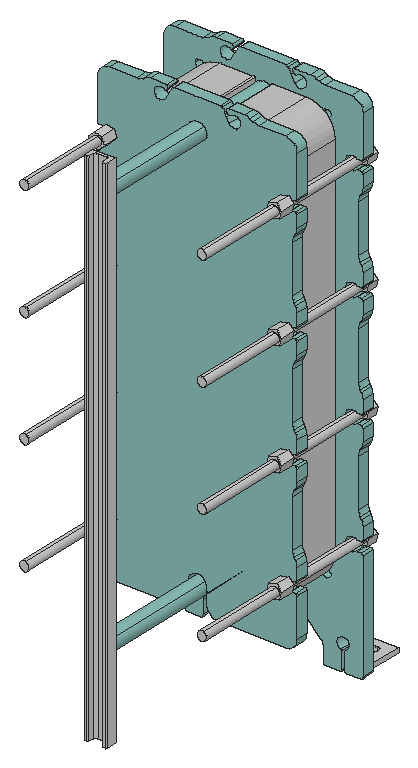
Revit family "Ekin_Endüstriyel - MIT513", category Specialty Equipment, Revit 2022
Family settings
  Round Connector Dimension = Use Diameter
  Part Type = Normal
  Work Plane-Based = No
  Always vertical = No
  Cut with Voids When Loaded = No
  Maintain Annotation Orientation = No
  Shared = No
  Room Calculation Point = No
Parameters (values of type "Flanged")
  URL = "https://en.ekinendustriyel.com/plate-heat-exchanger"
  Type Comments = ""
  Tightening Bolt [instance] = if(Design Pressure < 1006634.6 Pa, 16.00 mm, 30.00 mm)  # 16.00 mm
  Threaded Connection = no
  Thickness_of_Plate [instance] = 0.50 mm  # constant formula
  Number_of_Plate [instance] = 50
  Model = if(Threaded Connection, if(Hygienic, if(Design Pressure < 1100000.0 Pa, "H12340000DD50L", if(Design Pressure < 1600000.0 Pa, " H12340000DD50M", " H12340000DD50H")), if(Design Pressure < 1000000.0 Pa, "E1234000DD50L", if(Design Pressure < 1600000.0 Pa, " E12340000DD50M", " E12340000DD50H"))), if(Hygienic, if(Design Pressure < 1100000.0 Pa, "H12340000F50L", if(Design Pressure < 1600000.0 Pa, " H12340000F50M", " H12340000F50H")), if(Design Pressure < 1000000.0 Pa, "E12340000F50L", if(Design Pressure < 1600000.0 Pa, " E12340000F50M", " E12340000F50H"))))  # "H12340000F50L"
  Material = Galvanized Steel- S235JR
  Manufacturer = "Ekin Endüstriyel"
  M30 [instance] = Design Pressure > 1000000.0 Pa  # no
  M16 = Design Pressure < 1000001.0 Pa  # yes
  Lk [instance] = (Number_of_Plate) * ((Thickness_of_Plate) + 2.00 mm)  # 125.00 mm
  Lh [instance] = 920.00 mm  # constant formula
  Lf [instance] = 812.00 mm  # constant formula
  Lc [instance] = if(Number_of_Plate < 41, 250.00 mm, if(Number_of_Plate < 66, 350.00 mm, if(Number_of_Plate < 101, 500.00 mm, if(Number_of_Plate < 161, 750.00 mm, 1000.00 mm))))  # 350.00 mm
  La [instance] = 350.00 mm  # constant formula
  Keynote = ""
  Industrial [instance] = not(Hygienic)  # no
  Hygienic = yes
  Head & Follower Plate [instance] = if(Design Pressure < 1006634.6 Pa, 20.00 mm, if(Design Pressure < 1606478.4 Pa, 25.00 mm, 30.00 mm))  # 20.00 mm
  Follower Plate [instance] = -(Head & Follower Plate)  # -20.00 mm
  Flange Connection [instance] = not(Threaded Connection)  # yes
  Design Pressure = 100 psi
  Description = if(Design Pressure < 1006634.6 Pa, "MIT - Heat Exchanger - 10 bar", if(Design Pressure < 1599583.7 Pa, " MIT - Heat Exchanger - 16 bar", " MIT - Heat Exchanger - 25 bar"))  # "MIT - Heat Exchanger - 10 bar"
  Default Elevation = 0.00 mm
Reference planes
  plane 1 "Center (Front/Back)": y = 0
  plane 2: z = 0
  plane 3 "Center (Left/Right)": x = 0
  plane 4: x = 1160
  plane 5: x = -1000
  plane 6 "2": y = -145
  plane 7 "1": y = -20
  plane 8 "3": y = -370
  plane 9 "Bolt End": y = 18.7
  plane 10: y = -350
Forms (mm)
  Extrusion 1, solid, material "Galvanized Steel", visible <- "Flange Connection", detail levels fine
    sketch origin (0, 0, 0) x (1, 0, 0) y (0, 0, 1)
      loop
        line (-106.715, 912) -> (-155, 912)
        arc (-155, 912) -> (-169.142, 906.142) -> (-175, 892) r 20
        line (-175, 892) -> (-175, 819.25)
        arc (-175, 819.25) -> (-174.121, 817.129) -> (-172, 816.25) r 3
        line (-172, 816.25) -> (-164.917, 816.25)
        arc (-164.917, 816.25) -> (-163.96, 816.407) -> (-163.103, 816.86) r 3
        arc (-163.103, 816.86) -> (-144.251, 807.5) -> (-163.103, 798.14) r 11.75
        arc (-163.103, 798.14) -> (-163.96, 798.593) -> (-164.917, 798.75) r 3
        line (-164.917, 798.75) -> (-172, 798.75)
        arc (-172, 798.75) -> (-174.121, 797.871) -> (-175, 795.75) r 3
        line (-175, 795.75) -> (-175, 774.215)
        arc (-175, 774.215) -> (-174.319, 769.039) -> (-172.321, 764.215) r 20
        line (-172.321, 764.215) -> (-169.679, 759.641)
        arc (-169.679, 759.641) -> (-167.681, 754.817) -> (-167, 749.641) r 20
        line (-167, 749.641) -> (-167, 665.359)
        arc (-167, 665.359) -> (-167.681, 660.183) -> (-169.679, 655.359) r 20
        line (-169.679, 655.359) -> (-172.321, 650.785)
        arc (-172.321, 650.785) -> (-174.319, 645.961) -> (-175, 640.785) r 20
        line (-175, 640.785) -> (-175, 619.25)
        arc (-175, 619.25) -> (-174.121, 617.129) -> (-172, 616.25) r 3
        line (-172, 616.25) -> (-164.917, 616.25)
        arc (-164.917, 616.25) -> (-163.96, 616.407) -> (-163.103, 616.86) r 3
        arc (-163.103, 616.86) -> (-144.251, 607.5) -> (-163.103, 598.14) r 11.75
        arc (-163.103, 598.14) -> (-163.96, 598.593) -> (-164.917, 598.75) r 3
        line (-164.917, 598.75) -> (-172, 598.75)
        arc (-172, 598.75) -> (-174.121, 597.871) -> (-175, 595.75) r 3
        line (-175, 595.75) -> (-175, 574.215)
        arc (-175, 574.215) -> (-174.319, 569.039) -> (-172.321, 564.215) r 20
        line (-172.321, 564.215) -> (-169.679, 559.641)
        arc (-169.679, 559.641) -> (-167.681, 554.817) -> (-167, 549.641) r 20
        line (-167, 549.641) -> (-167, 465.359)
        arc (-167, 465.359) -> (-167.681, 460.183) -> (-169.679, 455.359) r 20
        line (-169.679, 455.359) -> (-172.321, 450.785)
        arc (-172.321, 450.785) -> (-174.319, 445.961) -> (-175, 440.785) r 20
        line (-175, 440.785) -> (-175, 419.25)
        arc (-175, 419.25) -> (-174.121, 417.129) -> (-172, 416.25) r 3
        line (-172, 416.25) -> (-164.917, 416.25)
        arc (-164.917, 416.25) -> (-163.96, 416.407) -> (-163.103, 416.86) r 3
        arc (-163.103, 416.86) -> (-144.251, 407.5) -> (-163.103, 398.14) r 11.75
        arc (-163.103, 398.14) -> (-163.96, 398.593) -> (-164.917, 398.75) r 3
        line (-164.917, 398.75) -> (-172, 398.75)
        arc (-172, 398.75) -> (-174.121, 397.871) -> (-175, 395.75) r 3
        line (-175, 395.75) -> (-175, 374.215)
        arc (-175, 374.215) -> (-174.319, 369.039) -> (-172.321, 364.215) r 20
        line (-172.321, 364.215) -> (-169.679, 359.641)
        arc (-169.679, 359.641) -> (-167.681, 354.817) -> (-167, 349.641) r 20
        line (-167, 349.641) -> (-167, 265.359)
        arc (-167, 265.359) -> (-167.681, 260.183) -> (-169.679, 255.359) r 20
        line (-169.679, 255.359) -> (-172.321, 250.785)
        arc (-172.321, 250.785) -> (-174.319, 245.961) -> (-175, 240.785) r 20
        line (-175, 240.785) -> (-175, 219.25)
        arc (-175, 219.25) -> (-174.121, 217.129) -> (-172, 216.25) r 3
        line (-172, 216.25) -> (-164.917, 216.25)
        arc (-164.917, 216.25) -> (-163.96, 216.407) -> (-163.103, 216.86) r 3
        arc (-163.103, 216.86) -> (-144.251, 207.5) -> (-163.103, 198.14) r 11.75
        arc (-163.103, 198.14) -> (-163.96, 198.593) -> (-164.917, 198.75) r 3
        line (-164.917, 198.75) -> (-172, 198.75)
        arc (-172, 198.75) -> (-174.121, 197.871) -> (-175, 195.75) r 3
        line (-175, 195.75) -> (-175, 5)
        arc (-175, 5) -> (-173.536, 1.464) -> (-170, 0) r 5
        line (-170, 0) -> (-145.5, 0)
        arc (-145.5, 0) -> (-143.379, 0.879) -> (-142.5, 3) r 3
        line (-142.5, 3) -> (-142.5, 32.126)
        arc (-142.5, 32.126) -> (-142.996, 33.779) -> (-144.321, 34.884) r 3
        arc (-144.321, 34.884) -> (-140, 56) -> (-135.679, 34.884) r 11
        arc (-135.679, 34.884) -> (-137.004, 33.779) -> (-137.5, 32.126) r 3
        line (-137.5, 32.126) -> (-137.5, 3)
        arc (-137.5, 3) -> (-136.621, 0.879) -> (-134.5, 0) r 3
        line (-134.5, 0) -> (-110, 0)
        arc (-110, 0) -> (-106.464, 1.464) -> (-105, 5) r 5
        line (-105, 5) -> (-105, 28.787)
        arc (-105, 28.787) -> (-103.858, 34.527) -> (-100.607, 39.393) r 15
        line (-100.607, 39.393) -> (-74.393, 65.607)
        arc (-74.393, 65.607) -> (-69.527, 68.858) -> (-63.787, 70) r 15
        line (-63.787, 70) -> (63.787, 70)
        arc (63.787, 70) -> (69.527, 68.858) -> (74.393, 65.607) r 15
        line (74.393, 65.607) -> (100.607, 39.393)
        arc (100.607, 39.393) -> (103.858, 34.527) -> (105, 28.787) r 15
        line (105, 28.787) -> (105, 5)
        arc (105, 5) -> (106.464, 1.464) -> (110, 0) r 5
        line (110, 0) -> (134.5, 0)
        arc (134.5, 0) -> (136.621, 0.879) -> (137.5, 3) r 3
        line (137.5, 3) -> (137.5, 32.126)
        arc (137.5, 32.126) -> (137.004, 33.779) -> (135.679, 34.884) r 3
        arc (135.679, 34.884) -> (140, 56) -> (144.321, 34.884) r 11
        arc (144.321, 34.884) -> (142.996, 33.779) -> (142.5, 32.126) r 3
        line (142.5, 32.126) -> (142.5, 3)
        arc (142.5, 3) -> (143.379, 0.879) -> (145.5, 0) r 3
        line (145.5, 0) -> (170, 0)
        arc (170, 0) -> (173.536, 1.464) -> (175, 5) r 5
        line (175, 5) -> (175, 195.75)
        arc (175, 195.75) -> (174.121, 197.871) -> (172, 198.75) r 3
        line (172, 198.75) -> (164.917, 198.75)
        arc (164.917, 198.75) -> (163.96, 198.593) -> (163.103, 198.14) r 3
        arc (163.103, 198.14) -> (144.251, 207.5) -> (163.103, 216.86) r 11.75
        arc (163.103, 216.86) -> (163.96, 216.407) -> (164.917, 216.25) r 3
        line (164.917, 216.25) -> (172, 216.25)
        arc (172, 216.25) -> (174.121, 217.129) -> (175, 219.25) r 3
        line (175, 219.25) -> (175, 240.785)
        arc (175, 240.785) -> (174.319, 245.961) -> (172.321, 250.785) r 20
        line (172.321, 250.785) -> (169.679, 255.359)
        arc (169.679, 255.359) -> (167.681, 260.183) -> (167, 265.359) r 20
        line (167, 265.359) -> (167, 349.641)
        arc (167, 349.641) -> (167.681, 354.817) -> (169.679, 359.641) r 20
        line (169.679, 359.641) -> (172.321, 364.215)
        arc (172.321, 364.215) -> (174.319, 369.039) -> (175, 374.215) r 20
        line (175, 374.215) -> (175, 395.75)
        arc (175, 395.75) -> (174.121, 397.871) -> (172, 398.75) r 3
        line (172, 398.75) -> (164.917, 398.75)
        arc (164.917, 398.75) -> (163.96, 398.593) -> (163.103, 398.14) r 3
        arc (163.103, 398.14) -> (144.251, 407.5) -> (163.103, 416.86) r 11.75
        arc (163.103, 416.86) -> (163.96, 416.407) -> (164.917, 416.25) r 3
        line (164.917, 416.25) -> (172, 416.25)
        arc (172, 416.25) -> (174.121, 417.129) -> (175, 419.25) r 3
        line (175, 419.25) -> (175, 440.785)
        arc (175, 440.785) -> (174.319, 445.961) -> (172.321, 450.785) r 20
        line (172.321, 450.785) -> (169.679, 455.359)
        arc (169.679, 455.359) -> (167.681, 460.183) -> (167, 465.359) r 20
        line (167, 465.359) -> (167, 549.641)
        arc (167, 549.641) -> (167.681, 554.817) -> (169.679, 559.641) r 20
        line (169.679, 559.641) -> (172.321, 564.215)
        arc (172.321, 564.215) -> (174.319, 569.039) -> (175, 574.215) r 20
        line (175, 574.215) -> (175, 595.75)
        arc (175, 595.75) -> (174.121, 597.871) -> (172, 598.75) r 3
        line (172, 598.75) -> (164.917, 598.75)
        arc (164.917, 598.75) -> (163.96, 598.593) -> (163.103, 598.14) r 3
        arc (163.103, 598.14) -> (144.251, 607.5) -> (163.103, 616.86) r 11.75
        arc (163.103, 616.86) -> (163.96, 616.407) -> (164.917, 616.25) r 3
        line (164.917, 616.25) -> (172, 616.25)
        arc (172, 616.25) -> (174.121, 617.129) -> (175, 619.25) r 3
        line (175, 619.25) -> (175, 640.785)
        arc (175, 640.785) -> (174.319, 645.961) -> (172.321, 650.785) r 20
        line (172.321, 650.785) -> (169.679, 655.359)
        arc (169.679, 655.359) -> (167.681, 660.183) -> (167, 665.359) r 20
        line (167, 665.359) -> (167, 749.641)
        arc (167, 749.641) -> (167.681, 754.817) -> (169.679, 759.641) r 20
        line (169.679, 759.641) -> (172.321, 764.215)
        arc (172.321, 764.215) -> (174.319, 769.039) -> (175, 774.215) r 20
        line (175, 774.215) -> (175, 795.75)
        arc (175, 795.75) -> (174.121, 797.871) -> (172, 798.75) r 3
        line (172, 798.75) -> (164.917, 798.75)
        arc (164.917, 798.75) -> (163.96, 798.593) -> (163.103, 798.14) r 3
        arc (163.103, 798.14) -> (144.251, 807.5) -> (163.103, 816.86) r 11.75
        arc (163.103, 816.86) -> (163.96, 816.407) -> (164.917, 816.25) r 3
        line (164.917, 816.25) -> (172, 816.25)
        arc (172, 816.25) -> (174.121, 817.129) -> (175, 819.25) r 3
        line (175, 819.25) -> (175, 892)
        arc (175, 892) -> (169.142, 906.142) -> (155, 912) r 20
        line (155, 912) -> (106.715, 912)
        arc (106.715, 912) -> (101.539, 912.681) -> (96.715, 914.679) r 20
        line (96.715, 914.679) -> (92.141, 917.321)
        arc (92.141, 917.321) -> (87.317, 919.319) -> (82.141, 920) r 20
        line (82.141, 920) -> (54.608, 920)
        arc (54.608, 920) -> (52.01, 918.5) -> (52.01, 915.5) r 3
        line (52.01, 915.5) -> (53.742, 912.5)
        arc (53.742, 912.5) -> (55.773, 911.054) -> (58.196, 911.643) r 3
        arc (58.196, 911.643) -> (75.802, 900.921) -> (55.474, 897.5) r 11
        line (55.474, 897.5) -> (43.349, 918.5)
        arc (43.349, 918.5) -> (42.251, 919.598) -> (40.751, 920) r 3
        line (40.751, 920) -> (-40.751, 920)
        arc (-40.751, 920) -> (-42.251, 919.598) -> (-43.349, 918.5) r 3
        line (-43.349, 918.5) -> (-55.474, 897.5)
        arc (-55.474, 897.5) -> (-75.802, 900.921) -> (-58.196, 911.643) r 11
        arc (-58.196, 911.643) -> (-55.773, 911.054) -> (-53.742, 912.5) r 3
        line (-53.742, 912.5) -> (-52.01, 915.5)
        arc (-52.01, 915.5) -> (-52.01, 918.5) -> (-54.608, 920) r 3
        line (-54.608, 920) -> (-82.141, 920)
        arc (-82.141, 920) -> (-87.317, 919.319) -> (-92.141, 917.321) r 20
        line (-92.141, 917.321) -> (-96.715, 914.679)
        arc (-96.715, 914.679) -> (-101.539, 912.681) -> (-106.715, 912) r 20
      loop
        circle (-70, 827.5) r 32.5
      loop
        circle (70, 827.5) r 32.5
      loop
        circle (-70, 187.5) r 32.5
      loop
        circle (70, 187.5) r 32.5
      loop
        circle (-112, 145.5) r 7
      loop
        circle (112, 145.5) r 7
      loop
        circle (28, 145.5) r 7
      loop
        circle (-28, 145.5) r 7
      loop
        circle (-112, 229.5) r 7
      loop
        circle (112, 229.5) r 7
      loop
        circle (28, 229.5) r 7
      loop
        circle (-28, 229.5) r 7
      loop
        circle (-112, 785.5) r 7
      loop
        circle (112, 785.5) r 7
      loop
        circle (28, 785.5) r 7
      loop
        circle (-28, 785.5) r 7
      loop
        circle (-112, 869.5) r 7
      loop
        circle (112, 869.5) r 7
      loop
        circle (28, 869.5) r 7
      loop
        circle (-28, 869.5) r 7
      loop
        circle (0, 149) r 6.25
      loop
        circle (0, 866) r 6.25
    from 0 to 20 <- "Head & Follower Plate"
  Extrusion 2, solid, material "AISI 316L/Titanium/Hastelloy", detail levels fine
    sketch origin (0, -20, 0) x (-1, 0, 0) y (0, 0, 1)
      loop
        line (-125, 832.5) -> (-125, 182.5)
        arc (-125, 182.5) -> (-110.355, 147.145) -> (-75, 132.5) r 50
        line (-75, 132.5) -> (-17, 132.5)
        arc (-17, 132.5) -> (-15.586, 133.086) -> (-15, 134.5) r 2
        line (-15, 134.5) -> (-15, 149.5)
        arc (-15, 149.5) -> (0, 164.5) -> (15, 149.5) r 15
        line (15, 149.5) -> (15, 134.5)
        arc (15, 134.5) -> (15.586, 133.086) -> (17, 132.5) r 2
        line (17, 132.5) -> (75, 132.5)
        arc (75, 132.5) -> (110.355, 147.145) -> (125, 182.5) r 50
        line (125, 182.5) -> (125, 832.5)
        arc (125, 832.5) -> (110.355, 867.855) -> (75, 882.5) r 50
        line (75, 882.5) -> (17, 882.5)
        arc (17, 882.5) -> (15.586, 881.914) -> (15, 880.5) r 2
        line (15, 880.5) -> (15, 865.5)
        arc (15, 865.5) -> (0, 850.5) -> (-15, 865.5) r 15
        line (-15, 865.5) -> (-15, 880.5)
        arc (-15, 880.5) -> (-15.586, 881.914) -> (-17, 882.5) r 2
        line (-17, 882.5) -> (-75, 882.5)
        arc (-75, 882.5) -> (-110.355, 867.855) -> (-125, 832.5) r 50
      loop
        circle (70, 827.5) r 32.5
      loop
        circle (-70, 827.5) r 32.5
      loop
        circle (-70, 187.5) r 32.5
      loop
        circle (70, 187.5) r 32.5
    from 0 to -125
  Extrusion 3, solid, material "Galvanized Steel", detail levels fine
    sketch origin (0, -145, 0) x (-1, 0, 0) y (0, 0, 1)
      loop
        arc (-16.5, 153) -> (0, 169.5) -> (16.5, 153) r 16.5
        line (16.5, 153) -> (16.5, 127.5)
        arc (16.5, 127.5) -> (22.358, 113.358) -> (36.5, 107.5) r 20
        line (36.5, 107.5) -> (155, 107.5)
        arc (155, 107.5) -> (169.142, 113.358) -> (175, 127.5) r 20
        line (175, 127.5) -> (175, 195.751)
        arc (175, 195.751) -> (174.121, 197.872) -> (172, 198.751) r 3
        line (172, 198.751) -> (164.917, 198.751)
        arc (164.917, 198.751) -> (163.96, 198.594) -> (163.103, 198.14) r 3
        arc (163.103, 198.14) -> (144.25, 207.5) -> (163.103, 216.86) r 11.75
        arc (163.103, 216.86) -> (163.96, 216.406) -> (164.917, 216.249) r 3
        line (164.917, 216.249) -> (172, 216.249)
        arc (172, 216.249) -> (174.121, 217.128) -> (175, 219.249) r 3
        line (175, 219.249) -> (175, 240.785)
        arc (175, 240.785) -> (174.319, 245.961) -> (172.321, 250.785) r 20
        line (172.321, 250.785) -> (169.679, 255.359)
        arc (169.679, 255.359) -> (167.681, 260.183) -> (167, 265.359) r 20
        line (167, 265.359) -> (167, 349.641)
        arc (167, 349.641) -> (167.681, 354.817) -> (169.679, 359.641) r 20
        line (169.679, 359.641) -> (172.321, 364.215)
        arc (172.321, 364.215) -> (174.319, 369.039) -> (175, 374.215) r 20
        line (175, 374.215) -> (175, 395.751)
        arc (175, 395.751) -> (174.121, 397.872) -> (172, 398.751) r 3
        line (172, 398.751) -> (164.917, 398.751)
        arc (164.917, 398.751) -> (163.96, 398.594) -> (163.103, 398.14) r 3
        arc (163.103, 398.14) -> (144.25, 407.5) -> (163.103, 416.86) r 11.75
        arc (163.103, 416.86) -> (163.96, 416.406) -> (164.917, 416.249) r 3
        line (164.917, 416.249) -> (172, 416.249)
        arc (172, 416.249) -> (174.121, 417.128) -> (175, 419.249) r 3
        line (175, 419.249) -> (175, 440.785)
        arc (175, 440.785) -> (174.319, 445.961) -> (172.321, 450.785) r 20
        line (172.321, 450.785) -> (169.679, 455.359)
        arc (169.679, 455.359) -> (167.681, 460.183) -> (167, 465.359) r 20
        line (167, 465.359) -> (167, 549.641)
        arc (167, 549.641) -> (167.681, 554.817) -> (169.679, 559.641) r 20
        line (169.679, 559.641) -> (172.321, 564.215)
        arc (172.321, 564.215) -> (174.319, 569.039) -> (175, 574.215) r 20
        line (175, 574.215) -> (175, 595.751)
        arc (175, 595.751) -> (174.121, 597.872) -> (172, 598.751) r 3
        line (172, 598.751) -> (164.917, 598.751)
        arc (164.917, 598.751) -> (163.96, 598.594) -> (163.103, 598.14) r 3
        arc (163.103, 598.14) -> (144.25, 607.5) -> (163.103, 616.86) r 11.75
        arc (163.103, 616.86) -> (163.96, 616.406) -> (164.917, 616.249) r 3
        line (164.917, 616.249) -> (172, 616.249)
        arc (172, 616.249) -> (174.121, 617.128) -> (175, 619.249) r 3
        line (175, 619.249) -> (175, 640.785)
        arc (175, 640.785) -> (174.319, 645.961) -> (172.321, 650.785) r 20
        line (172.321, 650.785) -> (169.679, 655.359)
        arc (169.679, 655.359) -> (167.681, 660.183) -> (167, 665.359) r 20
        line (167, 665.359) -> (167, 749.641)
        arc (167, 749.641) -> (167.681, 754.817) -> (169.679, 759.641) r 20
        line (169.679, 759.641) -> (172.321, 764.215)
        arc (172.321, 764.215) -> (174.319, 769.039) -> (175, 774.215) r 20
        line (175, 774.215) -> (175, 795.751)
        arc (175, 795.751) -> (174.121, 797.872) -> (172, 798.751) r 3
        line (172, 798.751) -> (164.917, 798.751)
        arc (164.917, 798.751) -> (163.96, 798.594) -> (163.103, 798.141) r 3
        arc (163.103, 798.141) -> (144.25, 807.501) -> (163.103, 816.86) r 11.75
        arc (163.103, 816.86) -> (163.96, 816.407) -> (164.917, 816.25) r 3
        line (164.917, 816.25) -> (172, 816.25)
        arc (172, 816.25) -> (174.121, 817.129) -> (175, 819.25) r 3
        line (175, 819.25) -> (175, 892)
        arc (175, 892) -> (169.142, 906.142) -> (155, 912) r 20
        line (155, 912) -> (106.715, 912)
        arc (106.715, 912) -> (101.539, 912.681) -> (96.715, 914.679) r 20
        line (96.715, 914.679) -> (92.141, 917.321)
        arc (92.141, 917.321) -> (87.317, 919.319) -> (82.141, 920) r 20
        line (82.141, 920) -> (54.608, 920)
        arc (54.608, 920) -> (52.01, 918.5) -> (52.01, 915.5) r 3
        line (52.01, 915.5) -> (53.742, 912.5)
        arc (53.742, 912.5) -> (55.773, 911.054) -> (58.196, 911.643) r 3
        arc (58.196, 911.643) -> (75.802, 900.921) -> (55.474, 897.5) r 11
        line (55.474, 897.5) -> (43.349, 918.5)
        arc (43.349, 918.5) -> (42.251, 919.598) -> (40.751, 920) r 3
        line (40.751, 920) -> (-40.751, 920)
        arc (-40.751, 920) -> (-42.251, 919.598) -> (-43.349, 918.5) r 3
        line (-43.349, 918.5) -> (-55.474, 897.5)
        arc (-55.474, 897.5) -> (-75.802, 900.921) -> (-58.196, 911.643) r 11
        arc (-58.196, 911.643) -> (-55.773, 911.054) -> (-53.742, 912.5) r 3
        line (-53.742, 912.5) -> (-52.01, 915.5)
        arc (-52.01, 915.5) -> (-52.01, 918.5) -> (-54.608, 920) r 3
        line (-54.608, 920) -> (-82.141, 920)
        arc (-82.141, 920) -> (-87.317, 919.319) -> (-92.141, 917.321) r 20
        line (-92.141, 917.321) -> (-96.715, 914.679)
        arc (-96.715, 914.679) -> (-101.539, 912.681) -> (-106.715, 912) r 20
        line (-106.715, 912) -> (-155, 912)
        arc (-155, 912) -> (-169.142, 906.142) -> (-175, 892) r 20
        line (-175, 892) -> (-175, 819.25)
        arc (-175, 819.25) -> (-174.121, 817.129) -> (-172, 816.25) r 3
        line (-172, 816.25) -> (-164.917, 816.25)
        arc (-164.917, 816.25) -> (-163.96, 816.407) -> (-163.103, 816.86) r 3
        arc (-163.103, 816.86) -> (-144.25, 807.501) -> (-163.103, 798.141) r 11.75
        arc (-163.103, 798.141) -> (-163.96, 798.594) -> (-164.917, 798.751) r 3
        line (-164.917, 798.751) -> (-172, 798.751)
        arc (-172, 798.751) -> (-174.121, 797.872) -> (-175, 795.751) r 3
        line (-175, 795.751) -> (-175, 774.215)
        arc (-175, 774.215) -> (-174.319, 769.039) -> (-172.321, 764.215) r 20
        line (-172.321, 764.215) -> (-169.679, 759.641)
        arc (-169.679, 759.641) -> (-167.681, 754.817) -> (-167, 749.641) r 20
        line (-167, 749.641) -> (-167, 665.359)
        arc (-167, 665.359) -> (-167.681, 660.183) -> (-169.679, 655.359) r 20
        line (-169.679, 655.359) -> (-172.321, 650.785)
        arc (-172.321, 650.785) -> (-174.319, 645.961) -> (-175, 640.785) r 20
        line (-175, 640.785) -> (-175, 619.249)
        arc (-175, 619.249) -> (-174.121, 617.128) -> (-172, 616.249) r 3
        line (-172, 616.249) -> (-164.917, 616.249)
        arc (-164.917, 616.249) -> (-163.96, 616.406) -> (-163.103, 616.86) r 3
        arc (-163.103, 616.86) -> (-144.25, 607.5) -> (-163.103, 598.14) r 11.75
        arc (-163.103, 598.14) -> (-163.96, 598.594) -> (-164.917, 598.751) r 3
        line (-164.917, 598.751) -> (-172, 598.751)
        arc (-172, 598.751) -> (-174.121, 597.872) -> (-175, 595.751) r 3
        line (-175, 595.751) -> (-175, 574.215)
        arc (-175, 574.215) -> (-174.319, 569.039) -> (-172.321, 564.215) r 20
        line (-172.321, 564.215) -> (-169.679, 559.641)
        arc (-169.679, 559.641) -> (-167.681, 554.817) -> (-167, 549.641) r 20
        line (-167, 549.641) -> (-167, 465.359)
        arc (-167, 465.359) -> (-167.681, 460.183) -> (-169.679, 455.359) r 20
        line (-169.679, 455.359) -> (-172.321, 450.785)
        arc (-172.321, 450.785) -> (-174.319, 445.961) -> (-175, 440.785) r 20
        line (-175, 440.785) -> (-175, 419.249)
        arc (-175, 419.249) -> (-174.121, 417.128) -> (-172, 416.249) r 3
        line (-172, 416.249) -> (-164.917, 416.249)
        arc (-164.917, 416.249) -> (-163.96, 416.406) -> (-163.103, 416.86) r 3
        arc (-163.103, 416.86) -> (-144.25, 407.5) -> (-163.103, 398.14) r 11.75
        arc (-163.103, 398.14) -> (-163.96, 398.594) -> (-164.917, 398.751) r 3
        line (-164.917, 398.751) -> (-172, 398.751)
        arc (-172, 398.751) -> (-174.121, 397.872) -> (-175, 395.751) r 3
        line (-175, 395.751) -> (-175, 374.215)
        arc (-175, 374.215) -> (-174.319, 369.039) -> (-172.321, 364.215) r 20
        line (-172.321, 364.215) -> (-169.679, 359.641)
        arc (-169.679, 359.641) -> (-167.681, 354.817) -> (-167, 349.641) r 20
        line (-167, 349.641) -> (-167, 265.359)
        arc (-167, 265.359) -> (-167.681, 260.183) -> (-169.679, 255.359) r 20
        line (-169.679, 255.359) -> (-172.321, 250.785)
        arc (-172.321, 250.785) -> (-174.319, 245.961) -> (-175, 240.785) r 20
        line (-175, 240.785) -> (-175, 219.249)
        arc (-175, 219.249) -> (-174.121, 217.128) -> (-172, 216.249) r 3
        line (-172, 216.249) -> (-164.917, 216.249)
        arc (-164.917, 216.249) -> (-163.96, 216.406) -> (-163.103, 216.86) r 3
        arc (-163.103, 216.86) -> (-144.25, 207.5) -> (-163.103, 198.14) r 11.75
        arc (-163.103, 198.14) -> (-163.96, 198.594) -> (-164.917, 198.751) r 3
        line (-164.917, 198.751) -> (-172, 198.751)
        arc (-172, 198.751) -> (-174.121, 197.872) -> (-175, 195.751) r 3
        line (-175, 195.751) -> (-175, 127.5)
        arc (-175, 127.5) -> (-169.142, 113.358) -> (-155, 107.5) r 20
        line (-155, 107.5) -> (-36.5, 107.5)
        arc (-36.5, 107.5) -> (-22.358, 113.358) -> (-16.5, 127.5) r 20
        line (-16.5, 127.5) -> (-16.5, 153)
      loop
        circle (0, 866) r 16
    from -20 <- "Follower Plate" to 0
  Extrusion 4, solid, material "Galvanized Steel"
    sketch origin (0, -20, 0) x (-1, 0, 0) y (0, 0, 1)
      loop
        circle (0, 866) r 15
      loop
        circle (0, 149) r 15
    from -350 to 0
  Extrusion 5, solid, material "Galvanized Steel- S235JR", visible <- "M16", detail levels medium+fine
    sketch origin (0, 0, 0) x (1, 0, 0) y (0, 0, 1)
      loop
        circle (-156.001, 207.5) r 8
      loop
        circle (-156.001, 407.5) r 8
      loop
        circle (-156.001, 607.5) r 8
      loop
        circle (-156.001, 807.5) r 8
      loop
        circle (155.999, 807.5) r 8
      loop
        circle (155.999, 607.5) r 8
      loop
        circle (155.999, 407.5) r 8
      loop
        circle (155.999, 207.5) r 8
    from 350 to 0
  Extrusion 6, solid, material "Galvanized Steel", detail levels medium
    sketch origin (0, 0, 0) x (1, 0, 0) y (0, 0, 1)
      loop
        line (-101.356, 912) -> (-175, 912) -> (-175, 768.856) -> (-167, 755) -> (-167, 660) -> (-175, 646.144) -> (-175, 568.856) -> (-167, 555) -> (-167, 460) -> (-175, 446.144) -> (-175, 368.856) -> (-167, 355) -> (-167, 260) -> (-175, 246.144) -> (-175, 0) -> (-105, 0) -> (-105, 35) -> (-70, 70) -> (70, 70) -> (105, 35) -> (105, 0) -> (175, 0) -> (175, 246.144) -> (167, 260) -> (167, 355) -> (175, 368.856) -> (175, 446.144) -> (167, 460) -> (167, 555) -> (175, 568.856) -> (175, 646.144) -> (167, 660) -> (167, 755) -> (175, 768.856) -> (175, 912) -> (101.356, 912) -> (87.5, 920) -> (-87.5, 920) -> (-101.356, 912)
      loop
        circle (-70, 827.5) r 32.5
      loop
        circle (-70, 187.5) r 32.5
      loop
        circle (0, 149) r 6.25
      loop
        circle (0, 866) r 6.25
      loop
        circle (-65, 903) r 11
      loop
        circle (-156.001, 207.5) r 11.75
      loop
        circle (-140, 45) r 11
      loop
        circle (-156.001, 407.5) r 11.75
      loop
        circle (-156.001, 807.5) r 11.75
      loop
        circle (-156.001, 607.5) r 11.75
      loop
        circle (70, 827.5) r 32.5
      loop
        circle (70, 187.5) r 32.5
      loop
        circle (65, 903) r 11
      loop
        circle (156.001, 207.5) r 11.75
      loop
        circle (140, 45) r 11
      loop
        circle (156.001, 407.5) r 11.75
      loop
        circle (156.001, 807.5) r 11.75
      loop
        circle (156.001, 607.5) r 11.75
    from 0 to 20 <- "Head & Follower Plate"
  Extrusion 7, solid, material "Painted Stell", detail levels medium+fine
    sketch origin (0, 0, 318) x (-1, 0, 0) y (0, -1, 0)
      loop
        line (20, 370) -> (20, 388)
        arc (20, 388) -> (19.414, 389.414) -> (18, 390) r 2
        line (18, 390) -> (14, 390)
        arc (14, 390) -> (12.586, 389.414) -> (12, 388) r 2
        line (12, 388) -> (12, 380)
        arc (12, 380) -> (10.536, 376.464) -> (7, 375) r 5
        line (7, 375) -> (-7, 375)
        arc (-7, 375) -> (-10.536, 376.464) -> (-12, 380) r 5
        line (-12, 380) -> (-12, 388)
        arc (-12, 388) -> (-12.586, 389.414) -> (-14, 390) r 2
        line (-14, 390) -> (-18, 390)
        arc (-18, 390) -> (-19.414, 389.414) -> (-20, 388) r 2
        line (-20, 388) -> (-20, 370) -> (20, 370)
    from -318 to 602
  Extrusion 8, solid, material "Galvanized Steel- S235JR", visible <- "M16", detail levels medium+fine
    sketch origin (0, 0, 0) x (1, 0, 0) y (0, 0, 1)
      loop
        line (169.412, 810.98) -> (159.692, 820.855) -> (146.28, 817.375) -> (142.587, 804.02) -> (152.307, 794.145) -> (165.719, 797.625) -> (169.412, 810.98)
      loop
        line (-169.412, 810.98) -> (-165.719, 797.625) -> (-152.307, 794.145) -> (-142.587, 804.02) -> (-146.28, 817.375) -> (-159.692, 820.855) -> (-169.412, 810.98)
      loop
        line (169.412, 610.98) -> (159.692, 620.855) -> (146.28, 617.375) -> (142.587, 604.02) -> (152.307, 594.145) -> (165.719, 597.625) -> (169.412, 610.98)
      loop
        line (-169.412, 610.98) -> (-165.719, 597.625) -> (-152.307, 594.145) -> (-142.587, 604.02) -> (-146.28, 617.375) -> (-159.692, 620.855) -> (-169.412, 610.98)
      loop
        line (169.412, 410.98) -> (159.692, 420.855) -> (146.28, 417.375) -> (142.587, 404.02) -> (152.307, 394.145) -> (165.719, 397.625) -> (169.412, 410.98)
      loop
        line (-169.412, 410.98) -> (-165.719, 397.625) -> (-152.307, 394.145) -> (-142.587, 404.02) -> (-146.28, 417.375) -> (-159.692, 420.855) -> (-169.412, 410.98)
      loop
        line (169.412, 210.98) -> (159.692, 220.855) -> (146.28, 217.375) -> (142.587, 204.02) -> (152.307, 194.145) -> (165.719, 197.625) -> (169.412, 210.98)
      loop
        line (-169.412, 210.98) -> (-165.719, 197.625) -> (-152.307, 194.145) -> (-142.587, 204.02) -> (-146.28, 217.375) -> (-159.692, 220.855) -> (-169.412, 210.98)
    from 0 to -18.7
  Extrusion 9, solid, material "Galvanized Steel- S235JR", visible <- "M16", detail levels medium+fine
    sketch origin (0, -165, 0) x (1, 0, 0) y (0, 0, 1)
      loop
        line (169.492, 810.654) -> (160.015, 820.762) -> (146.522, 817.608) -> (142.507, 804.346) -> (151.984, 794.238) -> (165.477, 797.392) -> (169.492, 810.654)
      loop
        line (169.492, 610.654) -> (160.015, 620.762) -> (146.522, 617.608) -> (142.507, 604.346) -> (151.984, 594.238) -> (165.477, 597.392) -> (169.492, 610.654)
      loop
        line (169.492, 410.656) -> (160.015, 420.765) -> (146.522, 417.611) -> (142.507, 404.349) -> (151.984, 394.241) -> (165.477, 397.395) -> (169.492, 410.656)
      loop
        line (169.492, 210.654) -> (160.015, 220.762) -> (146.522, 217.608) -> (142.507, 204.346) -> (151.984, 194.238) -> (165.477, 197.392) -> (169.492, 210.654)
      loop
        line (-169.492, 810.654) -> (-165.477, 797.392) -> (-151.984, 794.238) -> (-142.507, 804.346) -> (-146.522, 817.608) -> (-160.015, 820.762) -> (-169.492, 810.654)
      loop
        line (-169.492, 610.654) -> (-165.477, 597.392) -> (-151.984, 594.238) -> (-142.507, 604.346) -> (-146.522, 617.608) -> (-160.015, 620.762) -> (-169.492, 610.654)
      loop
        line (-169.492, 410.656) -> (-165.477, 397.395) -> (-151.984, 394.241) -> (-142.507, 404.349) -> (-146.522, 417.611) -> (-160.015, 420.765) -> (-169.492, 410.656)
      loop
        line (-169.492, 210.654) -> (-165.477, 197.392) -> (-151.984, 194.238) -> (-142.507, 204.346) -> (-146.522, 217.608) -> (-160.015, 220.762) -> (-169.492, 210.654)
    from 0 to 26.7
  Extrusion 10, solid, material "Galvanized Steel- S235JR", visible <- "M30", detail levels medium+fine
    sketch origin (0, -165, 0) x (1, 0, 0) y (0, 0, 1)
      loop
        line (-182.984, 613.807) -> (-174.953, 587.283) -> (-147.968, 580.976) -> (-129.013, 601.193) -> (-137.043, 627.717) -> (-164.029, 634.024) -> (-182.984, 613.807)
      loop
        line (-182.984, 813.807) -> (-174.953, 787.283) -> (-147.968, 780.976) -> (-129.013, 801.193) -> (-137.043, 827.717) -> (-164.029, 834.024) -> (-182.984, 813.807)
      loop
        line (-182.984, 413.807) -> (-174.953, 387.283) -> (-147.968, 380.976) -> (-129.013, 401.193) -> (-137.043, 427.717) -> (-164.029, 434.024) -> (-182.984, 413.807)
      loop
        line (-182.984, 213.807) -> (-174.953, 187.283) -> (-147.968, 180.976) -> (-129.013, 201.193) -> (-137.043, 227.717) -> (-164.029, 234.024) -> (-182.984, 213.807)
      loop
        line (182.984, 613.807) -> (164.029, 634.024) -> (137.043, 627.717) -> (129.013, 601.193) -> (147.968, 580.976) -> (174.953, 587.283) -> (182.984, 613.807)
      loop
        line (182.984, 813.807) -> (164.029, 834.024) -> (137.043, 827.717) -> (129.013, 801.193) -> (147.968, 780.976) -> (174.953, 787.283) -> (182.984, 813.807)
      loop
        line (182.984, 413.807) -> (164.029, 434.024) -> (137.043, 427.717) -> (129.013, 401.193) -> (147.968, 380.976) -> (174.953, 387.283) -> (182.984, 413.807)
      loop
        line (182.984, 213.807) -> (164.029, 234.024) -> (137.043, 227.717) -> (129.013, 201.193) -> (147.968, 180.976) -> (174.953, 187.283) -> (182.984, 213.807)
    from 0 to 26.7
  Extrusion 11, solid, material "Galvanized Steel- S235JR", visible <- "M30", detail levels medium+fine
    sketch origin (0, 0, 0) x (1, 0, 0) y (0, 0, 1)
      loop
        line (-182.824, 614.46) -> (-175.439, 587.749) -> (-148.614, 580.789) -> (-129.175, 600.54) -> (-136.56, 627.251) -> (-163.384, 634.211) -> (-182.824, 614.46)
      loop
        line (-182.824, 814.46) -> (-175.439, 787.749) -> (-148.614, 780.789) -> (-129.175, 800.54) -> (-136.56, 827.251) -> (-163.384, 834.211) -> (-182.824, 814.46)
      loop
        line (-182.824, 414.459) -> (-175.439, 387.749) -> (-148.614, 380.789) -> (-129.175, 400.54) -> (-136.56, 427.25) -> (-163.384, 434.21) -> (-182.824, 414.459)
      loop
        line (-182.824, 214.459) -> (-175.439, 187.749) -> (-148.614, 180.789) -> (-129.175, 200.54) -> (-136.56, 227.25) -> (-163.384, 234.21) -> (-182.824, 214.459)
      loop
        line (182.824, 614.46) -> (163.384, 634.211) -> (136.56, 627.251) -> (129.175, 600.54) -> (148.614, 580.789) -> (175.439, 587.749) -> (182.824, 614.46)
      loop
        line (182.824, 814.46) -> (163.384, 834.211) -> (136.56, 827.251) -> (129.175, 800.54) -> (148.614, 780.789) -> (175.439, 787.749) -> (182.824, 814.46)
      loop
        line (182.824, 414.459) -> (163.384, 434.21) -> (136.56, 427.25) -> (129.175, 400.54) -> (148.614, 380.789) -> (175.439, 387.749) -> (182.824, 414.459)
      loop
        line (182.824, 214.459) -> (163.384, 234.21) -> (136.56, 227.25) -> (129.175, 200.54) -> (148.614, 180.789) -> (175.439, 187.749) -> (182.824, 214.459)
    from 0 to -20.261
  Extrusion 12, solid, material "Painted Stell", visible <- "Flange Connection", detail levels fine
    sketch origin (0, 0, 0) x (1, 0, 0) y (0, 0, 1)
      loop
        line (115.5, 885) -> (24.5, 885) -> (12.5, 873) -> (12.5, 782) -> (24.5, 770) -> (115.5, 770) -> (127.5, 782) -> (127.5, 873) -> (115.5, 885)
      loop
        circle (70, 827.5) r 31.5
      loop
        circle (112, 869.5) r 9.5
      loop
        circle (28, 869.5) r 9.5
      loop
        circle (112, 785.5) r 9.5
      loop
        circle (28, 785.5) r 9.5
      loop
        line (-115.5, 885) -> (-127.5, 873) -> (-127.5, 782) -> (-115.5, 770) -> (-24.5, 770) -> (-12.5, 782) -> (-12.5, 873) -> (-24.5, 885) -> (-115.5, 885)
      loop
        circle (-70, 827.5) r 31.5
      loop
        circle (-112, 869.5) r 9.5
      loop
        circle (-28, 869.5) r 9.5
      loop
        circle (-112, 785.5) r 9.5
      loop
        circle (-28, 785.5) r 9.5
      loop
        line (115.5, 245) -> (24.5, 245) -> (12.5, 233) -> (12.5, 142) -> (24.5, 130) -> (115.5, 130) -> (127.5, 142) -> (127.5, 233) -> (115.5, 245)
      loop
        circle (70, 187.5) r 31.5
      loop
        circle (112, 229.5) r 9.5
      loop
        circle (28, 229.5) r 9.5
      loop
        circle (112, 145.5) r 9.5
      loop
        circle (28, 145.5) r 9.5
      loop
        line (-115.5, 245) -> (-127.5, 233) -> (-127.5, 142) -> (-115.5, 130) -> (-24.5, 130) -> (-12.5, 142) -> (-12.5, 233) -> (-24.5, 245) -> (-115.5, 245)
      loop
        circle (-70, 187.5) r 31.5
      loop
        circle (-112, 229.5) r 9.5
      loop
        circle (-28, 229.5) r 9.5
      loop
        circle (-112, 145.5) r 9.5
      loop
        circle (-28, 145.5) r 9.5
    from 0 to -15
  Extrusion 13, solid, material "Painted Stell", visible <- "Flange Connection", detail levels medium
    sketch origin (0, 0, 0) x (1, 0, 0) y (0, 0, 1)
      loop
        line (115.5, 885) -> (24.5, 885) -> (12.5, 873) -> (12.5, 782) -> (24.5, 770) -> (115.5, 770) -> (127.5, 782) -> (127.5, 873) -> (115.5, 885)
      loop
        circle (70, 827.5) r 31.5
      loop
        line (-115.5, 885) -> (-127.5, 873) -> (-127.5, 782) -> (-115.5, 770) -> (-24.5, 770) -> (-12.5, 782) -> (-12.5, 873) -> (-24.5, 885) -> (-115.5, 885)
      loop
        circle (-70, 827.5) r 31.5
      loop
        line (115.5, 245) -> (24.5, 245) -> (12.5, 233) -> (12.5, 142) -> (24.5, 130) -> (115.5, 130) -> (127.5, 142) -> (127.5, 233) -> (115.5, 245)
      loop
        circle (70, 187.5) r 31.5
      loop
        line (-115.5, 245) -> (-127.5, 233) -> (-127.5, 142) -> (-115.5, 130) -> (-24.5, 130) -> (-12.5, 142) -> (-12.5, 233) -> (-24.5, 245) -> (-115.5, 245)
      loop
        circle (-70, 187.5) r 31.5
    from 0 to -15
  Extrusion 14, solid, material "Painted Stell", visible <- "Flange Connection", detail levels coarse
    sketch origin (0, 0, 0) x (1, 0, 0) y (0, 0, 1)
      loop
        line (115.5, 885) -> (24.5, 885) -> (12.5, 873) -> (12.5, 782) -> (24.5, 770) -> (115.5, 770) -> (127.5, 782) -> (127.5, 873) -> (115.5, 885)
      loop
        line (-115.5, 885) -> (-127.5, 873) -> (-127.5, 782) -> (-115.5, 770) -> (-24.5, 770) -> (-12.5, 782) -> (-12.5, 873) -> (-24.5, 885) -> (-115.5, 885)
      loop
        line (115.5, 245) -> (24.5, 245) -> (12.5, 233) -> (12.5, 142) -> (24.5, 130) -> (115.5, 130) -> (127.5, 142) -> (127.5, 233) -> (115.5, 245)
      loop
        line (-115.5, 245) -> (-127.5, 233) -> (-127.5, 142) -> (-115.5, 130) -> (-24.5, 130) -> (-12.5, 142) -> (-12.5, 233) -> (-24.5, 245) -> (-115.5, 245)
    from 0 to -15
  Extrusion 15, solid, material "AISI 316L/Titanium/Hastelloy", detail levels medium
    sketch origin (0, -20, 0) x (-1, 0, 0) y (0, 0, 1)
      loop
        line (-125, 882.5) -> (-125, 132.5) -> (-15, 132.5) -> (-15, 164.5) -> (15, 164.5) -> (15, 132.5) -> (125, 132.5) -> (125, 882.5) -> (15, 882.5) -> (15, 850.5) -> (-15, 850.5) -> (-15, 882.5) -> (-125, 882.5)
    from 0 to -125
  Extrusion 16, solid, material "Galvanized Steel", detail levels medium
    sketch origin (0, -145, 0) x (-1, 0, 0) y (0, 0, 1)
      loop
        line (101.356, 912) -> (87.5, 920) -> (-87.5, 920) -> (-101.356, 912) -> (-175, 912) -> (-175, 768.856) -> (-167, 755) -> (-167, 660) -> (-175, 646.144) -> (-175, 568.856) -> (-167, 555) -> (-167, 460) -> (-175, 446.144) -> (-175, 368.856) -> (-167, 355) -> (-167, 260) -> (-175, 246.144) -> (-175, 107.5) -> (175, 107.5) -> (175, 246.144) -> (167, 260) -> (167, 355) -> (175, 368.856) -> (175, 446.144) -> (167, 460) -> (167, 555) -> (175, 568.856) -> (175, 646.144) -> (167, 660) -> (167, 755) -> (175, 768.856) -> (175, 912) -> (101.356, 912)
      loop
        circle (0, 866) r 6.25
      loop
        circle (65, 903) r 11
      loop
        circle (156.001, 207.5) r 11.75
      loop
        circle (156.001, 407.5) r 11.75
      loop
        circle (156.001, 807.5) r 11.75
      loop
        circle (156.001, 607.5) r 11.75
      loop
        circle (-65, 903) r 11
      loop
        circle (-156.001, 207.5) r 11.75
      loop
        circle (-156.001, 407.5) r 11.75
      loop
        circle (-156.001, 807.5) r 11.75
      loop
        circle (-156.001, 607.5) r 11.75
      loop
        circle (0, 153) r 16.5
    from -20 <- "Follower Plate" to 0
  Extrusion 17, solid, material "Galvanized Steel", detail levels coarse
    sketch origin (0, 0, 0) x (1, 0, 0) y (0, 0, 1)
      loop
        line (175, 920) -> (-175, 920) -> (-175, 0) -> (175, 0) -> (175, 920)
    from 0 to 20 <- "Head & Follower Plate"
  Extrusion 18, solid, material "Galvanized Steel", detail levels coarse
    sketch origin (0, -145, 0) x (-1, 0, 0) y (0, 0, 1)
      loop
        line (175, 107.5) -> (175, 920) -> (-175, 920) -> (-175, 107.5) -> (175, 107.5)
    from -20 <- "Follower Plate" to 0
  Extrusion 19, solid, material "AISI 316L/Titanium/Hastelloy", detail levels coarse
    sketch origin (0, -20, 0) x (-1, 0, 0) y (0, 0, 1)
      loop
        line (-125, 882.5) -> (-125, 132.5) -> (125, 132.5) -> (125, 882.5) -> (-125, 882.5)
    from 0 to -125
  Extrusion 20, solid, material "Galvanized Steel- S235JR", detail levels medium+fine
    sketch origin (0, 0, 0) x (0, 1, 0) y (0, 0, 1)
      loop
        line (7.5, 7.5) -> (7.5, 70) -> (0, 70) -> (0, 0) -> (70, 0) -> (70, 7.5) -> (7.5, 7.5)
    from 115 to 165
  Extrusion 21, void
    sketch origin (115, 70, 7.5) x (0, -1, 0) y (1, 0, 0)
      loop
        circle (25, 25) r 9
    from 0 to -7.5
  Extrusion 22, solid, material "Galvanized Steel- S235JR", detail levels medium+fine
    sketch origin (0, 0, 0) x (0, 1, 0) y (0, 0, -1)
      loop
        line (7.5, -7.5) -> (70, -7.5) -> (70, 0) -> (0, 0) -> (0, -70) -> (7.5, -70) -> (7.5, -7.5)
    from 115 to 165
  Extrusion 23, void
    sketch origin (-115, 70, 7.5) x (0, -1, 0) y (1, 0, 0)
      loop
        circle (25, -25) r 9
    from 0 to -7.5
  Extrusion 24, solid, material "Galvanized Steel- S235JR", detail levels coarse
    sketch origin (0, 0, 0) x (0, 1, 0) y (0, 0, 1)
      loop
        line (7.5, 7.5) -> (7.5, 70) -> (0, 70) -> (0, 0) -> (70, 0) -> (70, 7.5) -> (7.5, 7.5)
    from 115 to 165
  Extrusion 25, solid, material "Galvanized Steel- S235JR", detail levels coarse
    sketch origin (0, 0, 0) x (0, 1, 0) y (0, 0, -1)
      loop
        line (7.5, -7.5) -> (70, -7.5) -> (70, 0) -> (0, 0) -> (0, -70) -> (7.5, -70) -> (7.5, -7.5)
    from 115 to 165
  Extrusion 26, solid, material "Painted Stell", detail levels coarse
    sketch origin (0, -370, 0) x (-1, 0, 0) y (0, 0, 1)
      loop
        line (20, 0) -> (20, 920) -> (-20, 920) -> (-20, 0) -> (20, 0)
    from 0 to -20
  Extrusion 27, solid, material "Painted Stell", visible <- "Flange Connection", detail levels fine
    sketch origin (0, 15, 0) x (-1, 0, 0) y (0, 0, 1)
      loop
        line (-98.084, 865.668) -> (-101.724, 879.635) -> (-115.639, 883.467) -> (-125.916, 873.332) -> (-122.276, 859.365) -> (-108.361, 855.533) -> (-98.084, 865.668)
      loop
        line (-98.084, 789.332) -> (-108.361, 799.467) -> (-122.276, 795.635) -> (-125.916, 781.668) -> (-115.639, 771.533) -> (-101.724, 775.365) -> (-98.084, 789.332)
      loop
        line (-41.916, 865.668) -> (-31.639, 855.533) -> (-17.724, 859.365) -> (-14.084, 873.332) -> (-24.361, 883.467) -> (-38.276, 879.635) -> (-41.916, 865.668)
      loop
        line (-41.916, 789.332) -> (-38.276, 775.365) -> (-24.361, 771.533) -> (-14.084, 781.668) -> (-17.724, 795.635) -> (-31.639, 799.467) -> (-41.916, 789.332)
      loop
        line (98.084, 865.668) -> (108.361, 855.533) -> (122.276, 859.365) -> (125.916, 873.332) -> (115.639, 883.467) -> (101.724, 879.635) -> (98.084, 865.668)
      loop
        line (98.084, 789.332) -> (101.724, 775.365) -> (115.639, 771.533) -> (125.916, 781.668) -> (122.276, 795.635) -> (108.361, 799.467) -> (98.084, 789.332)
      loop
        line (41.916, 865.668) -> (38.276, 879.635) -> (24.361, 883.467) -> (14.084, 873.332) -> (17.724, 859.365) -> (31.639, 855.533) -> (41.916, 865.668)
      loop
        line (41.916, 789.332) -> (31.639, 799.467) -> (17.724, 795.635) -> (14.084, 781.668) -> (24.361, 771.533) -> (38.276, 775.365) -> (41.916, 789.332)
      loop
        line (-98.084, 225.668) -> (-101.724, 239.635) -> (-115.639, 243.467) -> (-125.916, 233.332) -> (-122.276, 219.365) -> (-108.361, 215.533) -> (-98.084, 225.668)
      loop
        line (-98.084, 149.332) -> (-108.361, 159.467) -> (-122.276, 155.635) -> (-125.916, 141.668) -> (-115.639, 131.533) -> (-101.724, 135.365) -> (-98.084, 149.332)
      loop
        line (-41.916, 225.668) -> (-31.639, 215.533) -> (-17.724, 219.365) -> (-14.084, 233.332) -> (-24.361, 243.467) -> (-38.276, 239.635) -> (-41.916, 225.668)
      loop
        line (-41.916, 149.332) -> (-38.276, 135.365) -> (-24.361, 131.533) -> (-14.084, 141.668) -> (-17.724, 155.635) -> (-31.639, 159.467) -> (-41.916, 149.332)
      loop
        line (98.084, 225.668) -> (108.361, 215.533) -> (122.276, 219.365) -> (125.916, 233.332) -> (115.639, 243.467) -> (101.724, 239.635) -> (98.084, 225.668)
      loop
        line (98.084, 149.332) -> (101.724, 135.365) -> (115.639, 131.533) -> (125.916, 141.668) -> (122.276, 155.635) -> (108.361, 159.467) -> (98.084, 149.332)
      loop
        line (41.916, 225.668) -> (38.276, 239.635) -> (24.361, 243.467) -> (14.084, 233.332) -> (17.724, 219.365) -> (31.639, 215.533) -> (41.916, 225.668)
      loop
        line (41.916, 149.332) -> (31.639, 159.467) -> (17.724, 155.635) -> (14.084, 141.668) -> (24.361, 131.533) -> (38.276, 135.365) -> (41.916, 149.332)
    from 0 to 13
  Extrusion 28, solid, material "Painted Stell", visible <- "Flange Connection", detail levels fine
    sketch origin (0, 15, 0) x (-1, 0, 0) y (0, 0, 1)
      loop
        circle (-112, 869.5) r 15
      loop
        circle (-112, 785.5) r 15
      loop
        circle (-28, 869.5) r 15
      loop
        circle (-28, 785.5) r 15
      loop
        circle (112, 869.5) r 15
      loop
        circle (112, 785.5) r 15
      loop
        circle (28, 869.5) r 15
      loop
        circle (28, 785.5) r 15
      loop
        circle (-112, 229.5) r 15
      loop
        circle (-112, 145.5) r 15
      loop
        circle (-28, 229.5) r 15
      loop
        circle (-28, 145.5) r 15
      loop
        circle (112, 229.5) r 15
      loop
        circle (112, 145.5) r 15
      loop
        circle (28, 229.5) r 15
      loop
        circle (28, 145.5) r 15
    from 0 to 3
  Extrusion 29, solid, material "Painted Stell", detail levels fine
    sketch origin (0, 15, 0) x (-1, 0, 0) y (0, 0, 1)
      loop
        line (-142.448, 59.225) -> (-153.543, 49.992) -> (-151.095, 35.767) -> (-137.552, 30.775) -> (-126.457, 40.008) -> (-128.905, 54.233) -> (-142.448, 59.225)
      loop
        line (142.448, 59.225) -> (128.905, 54.233) -> (126.457, 40.008) -> (137.552, 30.775) -> (151.095, 35.767) -> (153.543, 49.992) -> (142.448, 59.225)
    from -7.5 to 5.5
  Extrusion 30, solid, material "Painted Stell", visible <- "Threaded Connection", detail levels coarse+medium
    sketch origin (0, 0, 0) x (-1, 0, 0) y (0, 0, 1)
      loop
        circle (-70, 827.5) r 32.5
      loop
        circle (70, 827.5) r 32.5
      loop
        circle (70, 187.5) r 32.5
      loop
        circle (-70, 187.5) r 32.5
    from 0 to 48
  Extrusion 31, solid, material "Painted Stell", visible <- "Threaded Connection", detail levels fine
    sketch origin (0, 0, 0) x (-1, 0, 0) y (0, 0, 1)
      loop
        circle (-70, 827.5) r 32.5
      loop
        circle (70, 827.5) r 32.5
      loop
        circle (70, 187.5) r 32.5
      loop
        circle (-70, 187.5) r 32.5
      loop
        circle (-70, 187.5) r 29.5
      loop
        circle (70, 187.5) r 29.5
      loop
        circle (-70, 827.5) r 29.5
      loop
        circle (70, 827.5) r 29.5
    from 0 to 48
  Extrusion 32, solid, material "Galvanized Steel", visible <- "Threaded Connection", detail levels fine
    sketch origin (0, 0, 0) x (1, 0, 0) y (0, 0, 1)
      loop
        line (-106.715, 912) -> (-155, 912)
        arc (-155, 912) -> (-169.142, 906.142) -> (-175, 892) r 20
        line (-175, 892) -> (-175, 819.25)
        arc (-175, 819.25) -> (-174.121, 817.129) -> (-172, 816.25) r 3
        line (-172, 816.25) -> (-164.917, 816.25)
        arc (-164.917, 816.25) -> (-163.96, 816.407) -> (-163.103, 816.86) r 3
        arc (-163.103, 816.86) -> (-144.251, 807.5) -> (-163.103, 798.14) r 11.75
        arc (-163.103, 798.14) -> (-163.96, 798.593) -> (-164.917, 798.75) r 3
        line (-164.917, 798.75) -> (-172, 798.75)
        arc (-172, 798.75) -> (-174.121, 797.871) -> (-175, 795.75) r 3
        line (-175, 795.75) -> (-175, 774.215)
        arc (-175, 774.215) -> (-174.319, 769.039) -> (-172.321, 764.215) r 20
        line (-172.321, 764.215) -> (-169.679, 759.641)
        arc (-169.679, 759.641) -> (-167.681, 754.817) -> (-167, 749.641) r 20
        line (-167, 749.641) -> (-167, 665.359)
        arc (-167, 665.359) -> (-167.681, 660.183) -> (-169.679, 655.359) r 20
        line (-169.679, 655.359) -> (-172.321, 650.785)
        arc (-172.321, 650.785) -> (-174.319, 645.961) -> (-175, 640.785) r 20
        line (-175, 640.785) -> (-175, 619.25)
        arc (-175, 619.25) -> (-174.121, 617.129) -> (-172, 616.25) r 3
        line (-172, 616.25) -> (-164.917, 616.25)
        arc (-164.917, 616.25) -> (-163.96, 616.407) -> (-163.103, 616.86) r 3
        arc (-163.103, 616.86) -> (-144.251, 607.5) -> (-163.103, 598.14) r 11.75
        arc (-163.103, 598.14) -> (-163.96, 598.593) -> (-164.917, 598.75) r 3
        line (-164.917, 598.75) -> (-172, 598.75)
        arc (-172, 598.75) -> (-174.121, 597.871) -> (-175, 595.75) r 3
        line (-175, 595.75) -> (-175, 574.215)
        arc (-175, 574.215) -> (-174.319, 569.039) -> (-172.321, 564.215) r 20
        line (-172.321, 564.215) -> (-169.679, 559.641)
        arc (-169.679, 559.641) -> (-167.681, 554.817) -> (-167, 549.641) r 20
        line (-167, 549.641) -> (-167, 465.359)
        arc (-167, 465.359) -> (-167.681, 460.183) -> (-169.679, 455.359) r 20
        line (-169.679, 455.359) -> (-172.321, 450.785)
        arc (-172.321, 450.785) -> (-174.319, 445.961) -> (-175, 440.785) r 20
        line (-175, 440.785) -> (-175, 419.25)
        arc (-175, 419.25) -> (-174.121, 417.129) -> (-172, 416.25) r 3
        line (-172, 416.25) -> (-164.917, 416.25)
        arc (-164.917, 416.25) -> (-163.96, 416.407) -> (-163.103, 416.86) r 3
        arc (-163.103, 416.86) -> (-144.251, 407.5) -> (-163.103, 398.14) r 11.75
        arc (-163.103, 398.14) -> (-163.96, 398.593) -> (-164.917, 398.75) r 3
        line (-164.917, 398.75) -> (-172, 398.75)
        arc (-172, 398.75) -> (-174.121, 397.871) -> (-175, 395.75) r 3
        line (-175, 395.75) -> (-175, 374.215)
        arc (-175, 374.215) -> (-174.319, 369.039) -> (-172.321, 364.215) r 20
        line (-172.321, 364.215) -> (-169.679, 359.641)
        arc (-169.679, 359.641) -> (-167.681, 354.817) -> (-167, 349.641) r 20
        line (-167, 349.641) -> (-167, 265.359)
        arc (-167, 265.359) -> (-167.681, 260.183) -> (-169.679, 255.359) r 20
        line (-169.679, 255.359) -> (-172.321, 250.785)
        arc (-172.321, 250.785) -> (-174.319, 245.961) -> (-175, 240.785) r 20
        line (-175, 240.785) -> (-175, 219.25)
        arc (-175, 219.25) -> (-174.121, 217.129) -> (-172, 216.25) r 3
        line (-172, 216.25) -> (-164.917, 216.25)
        arc (-164.917, 216.25) -> (-163.96, 216.407) -> (-163.103, 216.86) r 3
        arc (-163.103, 216.86) -> (-144.251, 207.5) -> (-163.103, 198.14) r 11.75
        arc (-163.103, 198.14) -> (-163.96, 198.593) -> (-164.917, 198.75) r 3
        line (-164.917, 198.75) -> (-172, 198.75)
        arc (-172, 198.75) -> (-174.121, 197.871) -> (-175, 195.75) r 3
        line (-175, 195.75) -> (-175, 5)
        arc (-175, 5) -> (-173.536, 1.464) -> (-170, 0) r 5
        line (-170, 0) -> (-145.5, 0)
        arc (-145.5, 0) -> (-143.379, 0.879) -> (-142.5, 3) r 3
        line (-142.5, 3) -> (-142.5, 32.126)
        arc (-142.5, 32.126) -> (-142.996, 33.779) -> (-144.321, 34.884) r 3
        arc (-144.321, 34.884) -> (-140, 56) -> (-135.679, 34.884) r 11
        arc (-135.679, 34.884) -> (-137.004, 33.779) -> (-137.5, 32.126) r 3
        line (-137.5, 32.126) -> (-137.5, 3)
        arc (-137.5, 3) -> (-136.621, 0.879) -> (-134.5, 0) r 3
        line (-134.5, 0) -> (-110, 0)
        arc (-110, 0) -> (-106.464, 1.464) -> (-105, 5) r 5
        line (-105, 5) -> (-105, 28.787)
        arc (-105, 28.787) -> (-103.858, 34.527) -> (-100.607, 39.393) r 15
        line (-100.607, 39.393) -> (-74.393, 65.607)
        arc (-74.393, 65.607) -> (-69.527, 68.858) -> (-63.787, 70) r 15
        line (-63.787, 70) -> (63.787, 70)
        arc (63.787, 70) -> (69.527, 68.858) -> (74.393, 65.607) r 15
        line (74.393, 65.607) -> (100.607, 39.393)
        arc (100.607, 39.393) -> (103.858, 34.527) -> (105, 28.787) r 15
        line (105, 28.787) -> (105, 5)
        arc (105, 5) -> (106.464, 1.464) -> (110, 0) r 5
        line (110, 0) -> (134.5, 0)
        arc (134.5, 0) -> (136.621, 0.879) -> (137.5, 3) r 3
        line (137.5, 3) -> (137.5, 32.126)
        arc (137.5, 32.126) -> (137.004, 33.779) -> (135.679, 34.884) r 3
        arc (135.679, 34.884) -> (140, 56) -> (144.321, 34.884) r 11
        arc (144.321, 34.884) -> (142.996, 33.779) -> (142.5, 32.126) r 3
        line (142.5, 32.126) -> (142.5, 3)
        arc (142.5, 3) -> (143.379, 0.879) -> (145.5, 0) r 3
        line (145.5, 0) -> (170, 0)
        arc (170, 0) -> (173.536, 1.464) -> (175, 5) r 5
        line (175, 5) -> (175, 195.75)
        arc (175, 195.75) -> (174.121, 197.871) -> (172, 198.75) r 3
        line (172, 198.75) -> (164.917, 198.75)
        arc (164.917, 198.75) -> (163.96, 198.593) -> (163.103, 198.14) r 3
        arc (163.103, 198.14) -> (144.251, 207.5) -> (163.103, 216.86) r 11.75
        arc (163.103, 216.86) -> (163.96, 216.407) -> (164.917, 216.25) r 3
        line (164.917, 216.25) -> (172, 216.25)
        arc (172, 216.25) -> (174.121, 217.129) -> (175, 219.25) r 3
        line (175, 219.25) -> (175, 240.785)
        arc (175, 240.785) -> (174.319, 245.961) -> (172.321, 250.785) r 20
        line (172.321, 250.785) -> (169.679, 255.359)
        arc (169.679, 255.359) -> (167.681, 260.183) -> (167, 265.359) r 20
        line (167, 265.359) -> (167, 349.641)
        arc (167, 349.641) -> (167.681, 354.817) -> (169.679, 359.641) r 20
        line (169.679, 359.641) -> (172.321, 364.215)
        arc (172.321, 364.215) -> (174.319, 369.039) -> (175, 374.215) r 20
        line (175, 374.215) -> (175, 395.75)
        arc (175, 395.75) -> (174.121, 397.871) -> (172, 398.75) r 3
        line (172, 398.75) -> (164.917, 398.75)
        arc (164.917, 398.75) -> (163.96, 398.593) -> (163.103, 398.14) r 3
        arc (163.103, 398.14) -> (144.251, 407.5) -> (163.103, 416.86) r 11.75
        arc (163.103, 416.86) -> (163.96, 416.407) -> (164.917, 416.25) r 3
        line (164.917, 416.25) -> (172, 416.25)
        arc (172, 416.25) -> (174.121, 417.129) -> (175, 419.25) r 3
        line (175, 419.25) -> (175, 440.785)
        arc (175, 440.785) -> (174.319, 445.961) -> (172.321, 450.785) r 20
        line (172.321, 450.785) -> (169.679, 455.359)
        arc (169.679, 455.359) -> (167.681, 460.183) -> (167, 465.359) r 20
        line (167, 465.359) -> (167, 549.641)
        arc (167, 549.641) -> (167.681, 554.817) -> (169.679, 559.641) r 20
        line (169.679, 559.641) -> (172.321, 564.215)
        arc (172.321, 564.215) -> (174.319, 569.039) -> (175, 574.215) r 20
        line (175, 574.215) -> (175, 595.75)
        arc (175, 595.75) -> (174.121, 597.871) -> (172, 598.75) r 3
        line (172, 598.75) -> (164.917, 598.75)
        arc (164.917, 598.75) -> (163.96, 598.593) -> (163.103, 598.14) r 3
        arc (163.103, 598.14) -> (144.251, 607.5) -> (163.103, 616.86) r 11.75
        arc (163.103, 616.86) -> (163.96, 616.407) -> (164.917, 616.25) r 3
        line (164.917, 616.25) -> (172, 616.25)
        arc (172, 616.25) -> (174.121, 617.129) -> (175, 619.25) r 3
        line (175, 619.25) -> (175, 640.785)
        arc (175, 640.785) -> (174.319, 645.961) -> (172.321, 650.785) r 20
        line (172.321, 650.785) -> (169.679, 655.359)
        arc (169.679, 655.359) -> (167.681, 660.183) -> (167, 665.359) r 20
        line (167, 665.359) -> (167, 749.641)
        arc (167, 749.641) -> (167.681, 754.817) -> (169.679, 759.641) r 20
        line (169.679, 759.641) -> (172.321, 764.215)
        arc (172.321, 764.215) -> (174.319, 769.039) -> (175, 774.215) r 20
        line (175, 774.215) -> (175, 795.75)
        arc (175, 795.75) -> (174.121, 797.871) -> (172, 798.75) r 3
        line (172, 798.75) -> (164.917, 798.75)
        arc (164.917, 798.75) -> (163.96, 798.593) -> (163.103, 798.14) r 3
        arc (163.103, 798.14) -> (144.251, 807.5) -> (163.103, 816.86) r 11.75
        arc (163.103, 816.86) -> (163.96, 816.407) -> (164.917, 816.25) r 3
        line (164.917, 816.25) -> (172, 816.25)
        arc (172, 816.25) -> (174.121, 817.129) -> (175, 819.25) r 3
        line (175, 819.25) -> (175, 892)
        arc (175, 892) -> (169.142, 906.142) -> (155, 912) r 20
        line (155, 912) -> (106.715, 912)
        arc (106.715, 912) -> (101.539, 912.681) -> (96.715, 914.679) r 20
        line (96.715, 914.679) -> (92.141, 917.321)
        arc (92.141, 917.321) -> (87.317, 919.319) -> (82.141, 920) r 20
        line (82.141, 920) -> (54.608, 920)
        arc (54.608, 920) -> (52.01, 918.5) -> (52.01, 915.5) r 3
        line (52.01, 915.5) -> (53.742, 912.5)
        arc (53.742, 912.5) -> (55.773, 911.054) -> (58.196, 911.643) r 3
        arc (58.196, 911.643) -> (75.802, 900.921) -> (55.474, 897.5) r 11
